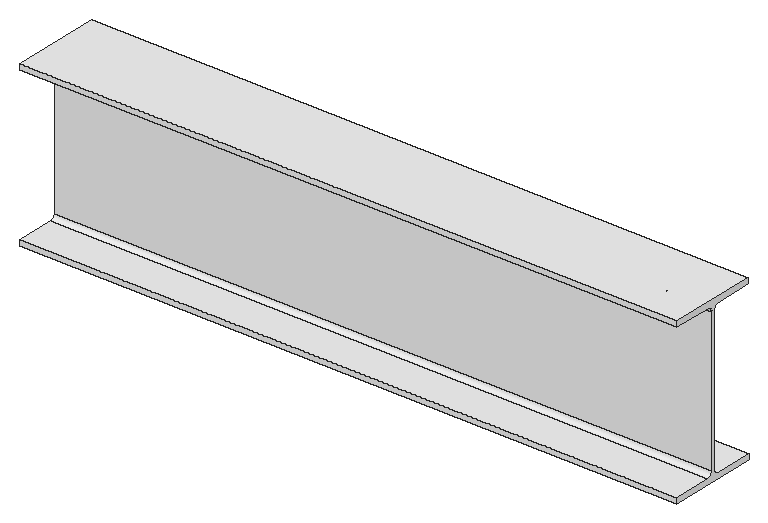
Revit family "1123", category Structural Framing, Revit 2023
Family settings
  Structural Framing Length Roundoff = 0 mm
  Section Shape = I-shape Parallel Flange
  Material for Model Behavior = Steel
  Always export as geometry = No
  OmniClass Number = 23.25.30.11.14.14
  OmniClass Title = Beams
  Always vertical = Yes
  Cut with Voids When Loaded = No
  Symbolic Representation = From Project Settings
  Shared = No
  Show family pre-cut in plan views = Yes
Parameters (values of type "305x165x40UB")
  Width = 1.0 cm
  Web Thickness = 1.0 cm
  Web Fillet = 1.0 cm
  Warping Constant = 1.0 cm⁶
  W = 0
  Torsional Moment of Inertia = 1.00 cm⁴
  Structural Material [instance] = Steel, 45-345
  Section Area = 1.0 cm²
  Plastic Modulus weak axis = 1.0 cm³
  Plastic Modulus strong axis = 1.0 cm³
  Perimeter = 1.00 m²/m
  Nominal Weight = 1.00 kgf/m
  Moment of Inertia weak axis = 1.00 cm⁴
  Moment of Inertia strong axis = 1.00 cm⁴
  Height = 1.0 cm
  Flange Thickness = 1.0 cm
  Elastic Modulus weak axis = 1.0 cm³
  Elastic Modulus strong axis = 1.0 cm³
  Centroid Vertical = 1.0 cm
  Centroid Horizontal = 1.0 cm
  Assembly Code = ""
  Ix = 8503
  Length [instance] = 1524 mm
  Zx = 560
  b = 165 mm
  h = 303.4 mm
  r = 8.9 mm
  s = 6 mm
  t = 10.2 mm
  A = 0.005 m²
Reference planes
  plane 1 "Center (Front/Back)": y = 0
  plane 2: z = 0
  plane 3 "Center (Left/Right)": x = 4.61
  plane 4 "Member Left": x = -604.99
  plane 5 "Member Right": x = 614.21
  plane 6: y = 82.5
  plane 7: y = -82.5
  plane 8 "Top": z = 151.7
  plane 9: z = -151.7
  plane 10 "Left": x = -757.39
  plane 11 "Right": x = 766.61
Forms (mm)
  Sweep 1, solid, material "Steel, 45-345" <- "Structural Material", detail levels fine
    path origin (0, 0, 0) x (1, 0, 0) y (0, 1, 0)
      loop
        line (614.21, 0) -> (-604.99, 0)
    profile "M_W-Wide Flange-Profile-Fine : M_W-Wide Flange-Profile-Fine" origin (4.61, 0, 0) x (0, -1, 0) y (0, 0, 1)
      loop
        line (-82.5, -151.7) -> (82.5, -151.7) -> (82.5, -141.5) -> (11.9, -141.5)
        arc (11.9, -141.5) -> (5.607, -138.893) -> (3, -132.6) r 8.9
        line (3, -132.6) -> (3, 132.6)
        arc (3, 132.6) -> (5.607, 138.893) -> (11.9, 141.5) r 8.9
        line (11.9, 141.5) -> (82.5, 141.5) -> (82.5, 151.7) -> (-82.5, 151.7) -> (-82.5, 141.5) -> (-11.9, 141.5)
        arc (-11.9, 141.5) -> (-5.607, 138.893) -> (-3, 132.6) r 8.9
        line (-3, 132.6) -> (-3, -132.6)
        arc (-3, -132.6) -> (-5.607, -138.893) -> (-11.9, -141.5) r 8.9
        line (-11.9, -141.5) -> (-82.5, -141.5) -> (-82.5, -151.7)
  Sweep 2, solid, material "Steel, 45-345" <- "Structural Material", detail levels medium
    path origin (0, 0, 0) x (1, 0, 0) y (0, 1, 0)
      loop
        line (614.21, 0) -> (-604.99, 0)
    profile "M_W-Wide Flange-Profile-Medium : M_W-Wide Flange-Profile-Medium" origin (4.61, 0, 0) x (0, -1, 0) y (0, 0, 1)
      loop
        line (-82.5, -151.7) -> (82.5, -151.7) -> (82.5, -141.5) -> (3, -141.5) -> (3, 141.5) -> (82.5, 141.5) -> (82.5, 151.7) -> (-82.5, 151.7) -> (-82.5, 141.5) -> (-3, 141.5) -> (-3, -141.5) -> (-82.5, -141.5) -> (-82.5, -151.7)
Lines and regions (mm)
  symbolic lines, style "Hidden Faces", detail levels medium+fine
    curve 1: line (614.21, -3, 0) -> (-604.99, -3, 0)
    curve 2: line (614.21, 3, 0) -> (-604.99, 3, 0)
  symbolic lines, style "Stick Symbols", detail levels coarse
    curve 3: line (4.61, 82.5, 151.7) -> (4.61, -82.5, 151.7)
    curve 4: line (4.61, -82.5, -151.7) -> (4.61, 82.5, -151.7)
    curve 5: line (4.61, 0, 151.7) -> (4.61, 0, -151.7)
Dimensions and locks
  "b": plane 6 to plane 7
  "h": plane 9 to plane 8 "Top"
  equal spacing: plane 9, plane 2, plane 8 "Top"
  equal spacing: plane 6, plane 1 "Center (Front/Back)", plane 7
  "Length": plane 10 "Left" to plane 11 "Right"
  aligned and locked: Sweep 1 sketch curve to plane 1 "Center (Front/Back)"
  aligned and locked: Sweep 2 sketch curve to plane 1 "Center (Front/Back)"
  aligned and locked: Sweep 2 to curve 3  (x2)
  aligned and locked: Sweep 2 to curve 4  (x2)
  aligned and locked: curve 4 to Sweep 2
  aligned and locked: curve 3 to Sweep 2
  aligned and locked: plane 4 "Member Left" to Sweep 2 sketch curve
  aligned and locked: plane 5 "Member Right" to Sweep 2 sketch curve
  aligned and locked: plane 4 "Member Left" to Sweep 1 sketch curve
  aligned and locked: plane 5 "Member Right" to Sweep 1 sketch curve
  aligned and locked: plane 4 "Member Left" to curve 1
  aligned and locked: plane 4 "Member Left" to curve 2
  aligned and locked: plane 5 "Member Right" to curve 1
  aligned and locked: plane 5 "Member Right" to curve 2
Automatic sketch dimensions
  plane 1 "Center (Front/Back)" to curve 1 = 3 mm
  curve 2 to plane 1 "Center (Front/Back)" = 3 mm
  curve 5 to plane 1 "Center (Front/Back)" = 0 mm
